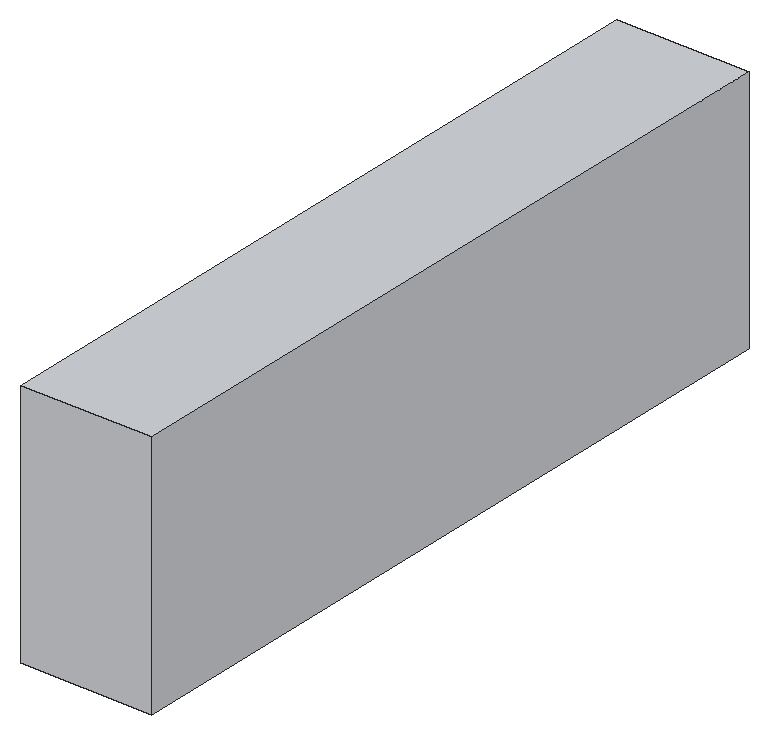
Revit family "M_Detector de calor do duto", category Acessórios de duto, Revit 2019
Family settings
  Cota do conector redondo = Utilizar diâmetro
  Tipo de parte = Anexa em
  Número OmniClass = 23.85.30.21.11.11.11
  Título OmniClass = Smoke Detectors
  ID de item do Seek = Duct Heat Detector-0000-CAN-ENU
  Com base no plano de trabalho = Não
  Sempre na vertical = Sim
  Corte com vazios quando carregada = Não
  Compartilhado = Não
Parameters (values of type "Retangular")
  Largura = 375 mm
  Comprimento = 66 mm
  Legenda = "H"
  Altura = 125 mm
  Assembly Code = ""
Types (2, lengths in mm): name | Largura | Comprimento | Altura
  Retangular | 375 | 66 | 125
  Quadrado | 200 | 64 | 225
Reference planes
  plane 1 "Centro (Frente/Trás)": y = 0
  plane 2: z = 0
  plane 3 "Centro (Esquerda/Direita)": x = 0
  plane 4: x = 66
Forms (mm)
  Extrusion 1, solid
    sketch origin (0, 0, 0) x (0, 1, 0) y (0, 0, 1)
      loop
        line (187.5, 62.5) -> (-187.5, 62.5) -> (-187.5, -62.5) -> (187.5, -62.5) -> (187.5, 62.5)
    from 0 to 66
Lines and regions (mm)
  symbolic lines, detail levels fine
    curve 1: line (66, 187.5, 0) -> (0, 187.5, 0)
    curve 2: line (66, -187.5, 0) -> (66, 187.5, 0)
    curve 3: line (0, -187.5, 0) -> (66, -187.5, 0)
    curve 4: line (0, 187.5, 0) -> (0, -187.5, 0)
Dimensions and locks
  equal spacing: Extrusion 1 sketch curve, plane 1 "Centro (Frente/Trás)", Extrusion 1 sketch curve
  equal spacing: Extrusion 1 sketch curve, level, Extrusion 1 sketch curve
  "Altura": Extrusion 1 sketch curve to Extrusion 1 sketch curve
  "Largura": Extrusion 1 sketch curve to Extrusion 1 sketch curve
  "Comprimento": plane 4 to plane 3 "Centro (Esquerda/Direita)"
  aligned and locked: plane 4 to Extrusion 1
  aligned and locked: Extrusion 1 to plane 3 "Centro (Esquerda/Direita)"
  aligned and locked: curve 1 to Extrusion 1
  aligned and locked: curve 2 to Extrusion 1
  aligned and locked: curve 3 to Extrusion 1
  aligned and locked: curve 4 to Extrusion 1
  aligned and locked: plane 1 "Centro (Frente/Trás)" to nested 1
  aligned and locked: plane 3 "Centro (Esquerda/Direita)" to nested 1
Nested families
  nested 1: "M_Anotação do detector de duto" at (0, 0, 0), type "Anotação do detector de duto", detail levels coarse+medium
Connectors
  hvac at (0, 0, 0), driven by "Altura", driven by "Largura"
    settings: on Extrusion 1, index 0, duct flow 0.0 L/s, flow factor 0, pres drop 0.0 Pa, loss coef 0, conn angle 0.00°, conn width 375 mm, conn height 125 mm, conn diameter 609.6 mm, duct sys type 28, conn prof type 1, flow config 0, flow direction 0, loss method 0, conn ref index -1, conn util no, is conn primary yes, conn desc ""
  electrical at (66, 0, 0)
    settings: on Extrusion 1, index 1, voltage 0 V, apparent load 0 VA, apparent load phase1 0 VA, apparent load phase2 0 VA, apparent load phase3 0 VA, power factor 1, load classification "Outros", number of poles 1, system type 11, power factor state 1, is connector primary yes, connector utility no, sub classification motor no, connector description ""
Definition of nested family "M_Anotação do detector de duto"
  Parameters
    Anotação de legenda 2 = "D"
    Anotação de legenda 1 = "H"
  Reference planes
    plane 1: y = 0
    plane 2: x = 0
  Lines and regions (mm)
    reference lines
      curve 1: line (-15.09, 1.588, 0) -> (26.249, 1.587, 0)
      curve 8: line (10.9, 2.943, 0) -> (10.9, -3.655, 0)
    detail lines
      curve 2: line (0, 1.588, 0) -> (-1.375, 0.794, 0)
      curve 3: line (-1.375, 0.794, 0) -> (-1.375, -0.794, 0)
      curve 4: line (-1.375, -0.794, 0) -> (0, -1.588, 0)
      curve 5: line (0, -1.588, 0) -> (1.375, -0.794, 0)
      curve 6: line (1.375, -0.794, 0) -> (1.375, 0.794, 0)
      curve 7: line (1.375, 0.794, 0) -> (0, 1.588, 0)
      curve 9: line (1.375, 0.397, 0) -> (10.9, 0.397, 0)
      curve 10: line (1.375, -0.397, 0) -> (10.9, -0.397, 0)
  Text (mm)
    label "H" at (-1.017, -0.073, 0), shows "Anotação de legenda 1"
    label "D" at (1.374, -1.777, 0), shows "Anotação de legenda 2"
  Dimensions and locks
    locked: plane 1 to curve 1 at 1.588
    locked: curve 6 to curve 8 at 9.525
    locked: plane 1 to curve 9 at 0.397
    locked: curve 10 to curve 9 at 0.794
    aligned and locked: curve 8 to curve 9
    aligned and locked: curve 6 to curve 9
